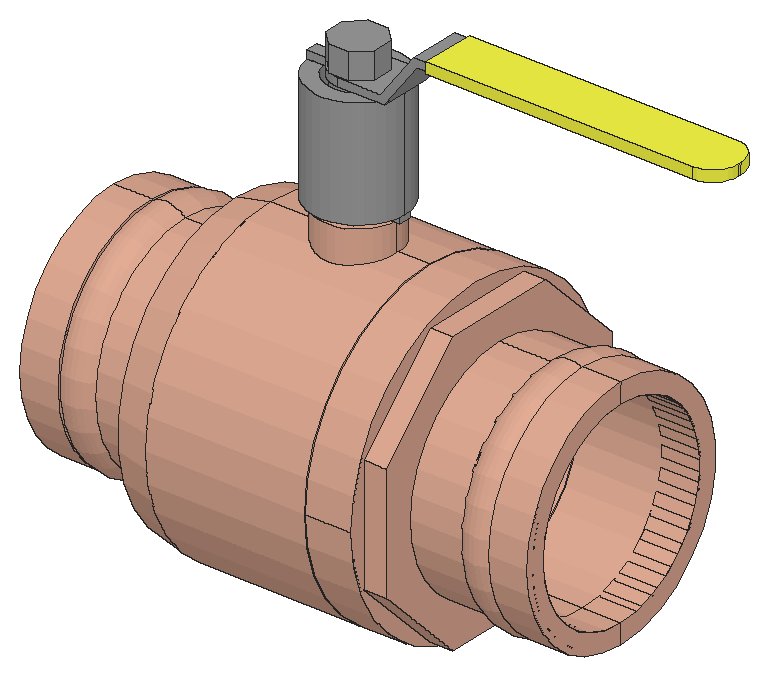
Revit family "430XLSE-Ball-Valve", category Pipe Accessories, Revit 2018
Family settings
  Round Connector Dimension = Use Diameter
  Part Type = Valve - Breaks Into
  OmniClass Number = 23.60.30.11.14
  OmniClass Title = Pipework Fittings
  Work Plane-Based = No
  Always vertical = Yes
  Cut with Voids When Loaded = No
  Shared = No
Parameters
  X8 [instance] = size_lookup(LookupTable, "X8", 0.000", Nominal Diameter)  # 1.080"
  X6_Half [instance] = X6 / 2  # 0.400"
  Weight [instance] = size_lookup(LookupTable, "Weight", "NA", Nominal Diameter)  # "24.54 lbs."
  URL = "http://www.fnw.com"
  Standards Lookup Table = "Standards"  # constant formula
  R4 [instance] = size_lookup(LookupTable, "R4", 0.000", Nominal Diameter)  # 2.943"
  Product ID Handle [instance] = size_lookup(LookupTable, "ProductIDHandle", "NA", Nominal Diameter)  # "2240186"
  Product ID [instance] = size_lookup(LookupTable, "ProductID", "NA", Nominal Diameter)  # "3625629"
  Pipe Diameter [instance] = size_lookup(Standards Lookup Table, "copper", 0.000", Nominal Diameter)  # 4.125"
  Part Number Handle [instance] = size_lookup(LookupTable, "PartNumberHandle", "NA", Nominal Diameter)  # "FNW420SEP"
  Part Number [instance] = size_lookup(LookupTable, "PartNumber", "NA", Nominal Diameter)  # "FNW430XLP"
  PIpe Radius [instance] = Pipe Diameter / 2  # 2.0625"
  Manufacturer = "FNW"  # constant formula
  Insert [instance] = size_lookup(LookupTable, "insert", 0.000", Nominal Diameter)  # 2.560"
  Description BOM Handle [instance] = size_lookup(LookupTable, "Description_BOMHandle", "NA", Nominal Diameter)  # "4 STEM Extension 420 421 & 430"
  Description BOM [instance] = size_lookup(LookupTable, "Description_BOM", "NA", Nominal Diameter)  # "Not For Potable Use 4 XL Brass PXP Full Port BV Water"
  D5 Half [instance] = D5 / 2  # 2.4625"
  D5 [instance] = size_lookup(LookupTable, "D5", 0.000", Nominal Diameter)  # 4.925"
  D3_Half [instance] = D3 / 2  # 0.65625"
  Z3 [instance] = size_lookup(LookupTable, "Z3", 0.000", Nominal Diameter)  # 0.54688"
  Z2 [instance] = size_lookup(LookupTable, "Z2", 0.000", Nominal Diameter)  # 4.020"
  Z1 [instance] = size_lookup(LookupTable, "Z1", 0.000", Nominal Diameter)  # 3.8556"
  X7 [instance] = size_lookup(LookupTable, "X7", 0.000", Nominal Diameter)  # 5.120"
  X6 [instance] = size_lookup(LookupTable, "X6", 0.000", Nominal Diameter)  # 0.800"
  X5 [instance] = size_lookup(LookupTable, "X5", 0.000", Nominal Diameter)  # 0.4875"
  X4 [instance] = size_lookup(LookupTable, "X4", 0.000", Nominal Diameter)  # 0.975"
  X3 [instance] = size_lookup(LookupTable, "X3", 0.000", Nominal Diameter)  # 3.33883"
  X2 [instance] = size_lookup(LookupTable, "X2", 0.000", Nominal Diameter)  # 0.70867"
  X1 [instance] = size_lookup(LookupTable, "X1", 0.000", Nominal Diameter)  # 2.560"
  Show Lever Clearance [instance] = no
  R3 [instance] = size_lookup(LookupTable, "R3", 0.000", Nominal Diameter)  # 3.270"
  R2 [instance] = size_lookup(LookupTable, "R2", 0.000", Nominal Diameter)  # 3.1065"
  R1_Diam [instance] = R1 * 2  # 4.690"
  R1 [instance] = size_lookup(LookupTable, "R1", 0.000", Nominal Diameter)  # 2.345"
  Nominal Radius [instance] = Nominal Diameter / 2  # 2.000"
  Nominal Diameter [instance] = 4.000"
  LookupTable = "430XLSE-Ball-Valve"  # constant formula
  HexAngle1 [instance] = 135.00°  # constant formula
  D3 [instance] = size_lookup(LookupTable, "D3", 0.000", Nominal Diameter)  # 1.3125"
  D2 [instance] = size_lookup(LookupTable, "D2", 0.000", Nominal Diameter)  # 0.875"
  D1 [instance] = size_lookup(LookupTable, "D1", 0.000", Nominal Diameter)  # 1.620"
  1_Z5 [instance] = size_lookup(LookupTable, "1_Z5", 0.000", Nominal Diameter)  # 0.250"
  1_Z4 [instance] = size_lookup(LookupTable, "1_Z4", 0.000", Nominal Diameter)  # 0.125"
  1_Z3 [instance] = size_lookup(LookupTable, "1_Z3", 0.000", Nominal Diameter)  # 2.300"
  1_Z2 [instance] = size_lookup(LookupTable, "1_Z2", 0.000", Nominal Diameter)  # 0.1644"
  1_Z1 [instance] = size_lookup(LookupTable, "1_Z1", 0.000", Nominal Diameter)  # 0.93335"
  1_Y1 [instance] = size_lookup(LookupTable, "1_Y1", 0.000", Nominal Diameter)  # 1.080"
  1_X4 [instance] = size_lookup(LookupTable, "1_X4", 0.000", Nominal Diameter)  # 0.810"
  1_X3 [instance] = size_lookup(LookupTable, "1_X3", 0.000", Nominal Diameter)  # 8.000"
  1_X2 [instance] = size_lookup(LookupTable, "1_X2", 0.000", Nominal Diameter)  # 0.70001"
  1_X1 [instance] = size_lookup(LookupTable, "1_X1", 0.000", Nominal Diameter)  # 1.620"
  1_D1 [instance] = size_lookup(LookupTable, "1_D1", 0.000", Nominal Diameter)  # 1.9488"
Reference planes (in)
  plane 1 "Center (Front/Back)": y = 0
  plane 2: z = 0
  plane 3 "Center (Left/Right)": x = 0
  plane 4 "X7 End": x = -5.12
  plane 5 "D1 Top": z = 3.8556
  plane 6 "D2 Top": z = 4.02
  plane 7: x = -2.56
  plane 8: x = -1.85133
  plane 9: x = 1.4875
  plane 10 "Face EXT": x = 2.4625
  plane 11: x = 2.95
  plane 12 "R3 Top": z = 3.27
  plane 13 "R2 Top": z = 3.1065
  plane 14 "R1 Top": z = 2.345
  plane 15 "Pipe radius": z = 2.0625
  plane 16 "NPT": x = -2.56
  plane 17 "NPT 2": x = 2.4625
  plane 18: x = 5.51
  plane 19 "X61": x = -5.12
  plane 20: x = -4.32
  plane 21 "X62": x = 4.71
  plane 22: x = 5.51
  plane 23: z = 4.1844
  plane 24: x = 5.11
  plane 25: x = -4.72
  plane 26: z = 4.73128
  plane 27: z = 2.4625
  plane 28: x = -2.56
  plane 29: x = 2.95
  plane 30: x = -4.04
  plane 31: x = -4.44
  plane 32: x = -3.64
  plane 33: x = 4.43
  plane 34: x = 4.03
  plane 35: x = 4.83
Forms (in)
  Extrusion 1, solid, material "Copper_01"
    sketch origin (0, 0, 0) x (1, 0, 0) y (0, 1, 0)
      loop
        circle (0, 0) r 0.4375
    from 3.8556 to 4.02
  Extrusion 2, solid, material "Copper_01"
    sketch origin (0, 0, 0) x (0, 1, 0) y (0, 0, 1)
      loop
        circle (0, 0) r 3.27
      loop
        circle (0, 0) r 2.0625
    from 1.4875 to 2.4625
  Extrusion 3, solid, material "Copper_01"
    sketch origin (0, 0, 2.0625) x (-1, 0, 0) y (0, -1, 0)
      loop
        circle (0, 0) r 0.81
    from 0 to 1.7931
  Extrusion 4, solid, material "Copper_01", not visible
    sketch origin (-2.56, 0, 0) x (0, 0, 1) y (0, -1, 0)
      loop
        circle (0, 0) r 2
    from 0 to 5.51
  Extrusion 5, solid, material "Copper_01"
    sketch origin (-2.56, 0, 0) x (0, 0, 1) y (0, -1, 0)
      loop
        circle (0, 0) r 2.345
      loop
        circle (0, 0) r 2.0625
    from -2.56 to 0
  Extrusion 6, solid, material "Copper_01"
    sketch origin (2.4625, 0, 0) x (0, 0, 1) y (0, -1, 0)
      loop
        line (-1.21903, -2.943) -> (1.21903, -2.943) -> (2.943, -1.21903) -> (2.943, 1.21903) -> (1.21903, 2.943) -> (-1.21903, 2.943) -> (-2.943, 1.21903) -> (-2.943, -1.21903) -> (-1.21903, -2.943)
      loop
        circle (0, 0) r 2.0625
    from 0 to 0.4875
  Revolve 7, solid, material "Copper_01"
    sketch origin (0, 0, 0) x (1, 0, 0) y (0, 0, 1)
      loop
        line (1.4875, 2.0625) -> (1.4875, 3.27) -> (-1.84763, 3.27) -> (-2.56, 3.1065) -> (-2.56, 2.0625) -> (1.4875, 2.0625)
      axis (-2.56, 0) -> (1.4875, 0)
    angle from 0 to 360
  Revolve 8, solid, material "Copper_01"
    sketch origin (0, 0, 0) x (1, 0, 0) y (0, 0, 1)
      loop
        line (-5.12, 2.4625) -> (-5.12, 2.0625) -> (-4.32, 2.0625) -> (-4.32, 2.4625) -> (-5.12, 2.4625)
      axis (-5.12, 0) -> (-4.32, 0)
    angle from 0 to 360
  Revolve 9, solid, material "Copper_01"
    sketch origin (0, 0, 0) x (1, 0, 0) y (0, 0, 1)
      loop
        line (4.71, 2.4625) -> (4.71, 2.0625) -> (5.51, 2.0625) -> (5.51, 2.4625) -> (4.71, 2.4625)
      axis (4.71, 0) -> (5.51, 0)
    angle from 0 to 360
  Extrusion 10, solid, material "Copper_01"
    sketch origin (-2.56, 0, 0) x (0, 0, 1) y (0, -1, 0)
      loop
        circle (0, 0) r 2.345
      loop
        circle (0, 0) r 2.0625
    from 5.51 to 8.07
  Revolve 11, solid, material "Copper_01"
    sketch origin (0, 0, 0) x (1, 0, 0) y (0, 0, 1)
      loop
        line (-4.44, 2.345) -> (-3.64, 2.345)
        arc (-3.64, 2.345) -> (-4.04, 2.50945) -> (-4.44, 2.345) r 0.5687
      loop
        line (4.03, 2.345) -> (4.83, 2.345)
        arc (4.83, 2.345) -> (4.43, 2.50945) -> (4.03, 2.345) r 0.5687
      axis (-4.44, 0) -> (4.83, 0)
    angle from 0 to 360
Dimensions and locks (in)
  "X7": plane 4 "X7 End" to plane 3 "Center (Left/Right)"
  "Z1": plane 5 "D1 Top" to plane 2
  "Z2": plane 6 "D2 Top" to plane 2
  "X1": plane 4 "X7 End" to plane 7
  "X2": plane 8 to plane 7
  "X3": plane 9 to plane 8
  "X4": plane 10 "Face EXT" to plane 9
  "X5": plane 11 to plane 10 "Face EXT"
  "R3": plane 12 "R3 Top" to plane 2
  "R2": plane 13 "R2 Top" to plane 2
  "R1": plane 14 "R1 Top" to plane 2
  "PIpe Radius": plane 15 "Pipe radius" to plane 2
  "X1": plane 4 "X7 End" to plane 16 "NPT"
  "X5": plane 11 to plane 17 "NPT 2"
  "X1": plane 18 to plane 11
  "R4": Extrusion 6 sketch curve to plane 1 "Center (Front/Back)"
  "R4": plane 1 "Center (Front/Back)" to Extrusion 6 sketch curve  (x5)
  "R4": plane 2 to Extrusion 6 sketch curve  (x2)
  "1_Z2": plane 23 to plane 6 "D2 Top"
  equal spacing: plane 20, plane 25, plane 19 "X61"
  equal spacing: plane 22, plane 24, plane 21 "X62"
  "X6": plane 22 to plane 21 "X62"
  "X6": plane 20 to plane 19 "X61"
  "X6_Half": plane 4 "X7 End" to plane 25
  "Z3": plane 26 to plane 23
  "D5 Half": plane 27 to plane 2
  "X6_Half": plane 24 to plane 18
  "Insert": plane 29 to plane 18
  "Insert": plane 28 to plane 4 "X7 End"
  plane 14 "R1 Top" to plane 15 "Pipe radius" = 0.2825"
  equal spacing: plane 31, plane 30, plane 32
  "X6": plane 31 to plane 32
  "X8": plane 4 "X7 End" to plane 30
  equal spacing: plane 34, plane 33, plane 35
  "X6": plane 34 to plane 35
  "X8": plane 22 to plane 33
  "D2": diameter of Extrusion 1 sketch curve
  "R3": radius of Extrusion 2 sketch curve
  "PIpe Radius": radius of Extrusion 2 sketch curve
  "D1": diameter of Extrusion 3 sketch curve
  "Nominal Radius": radius of Extrusion 4 sketch curve
  "R1": radius of Extrusion 5 sketch curve
  "PIpe Radius": radius of Extrusion 5 sketch curve
  "PIpe Radius": radius of Extrusion 6 sketch curve
  "R1": radius of Extrusion 10 sketch curve
  "PIpe Radius": radius of Extrusion 10 sketch curve
  angle Extrusion 6 sketch curve to Extrusion 6 sketch curve = 135.00°  (x7)
  aligned and locked: plane 2 to level
  aligned and locked: Extrusion 1 to plane 5 "D1 Top"
  aligned and locked: plane 6 "D2 Top" to Extrusion 1
  aligned and locked: Extrusion 2 to plane 9
  aligned and locked: Extrusion 2 to plane 10 "Face EXT"
  aligned and locked: plane 5 "D1 Top" to Extrusion 3
  aligned and locked: plane 4 "X7 End" to Extrusion 5
  aligned and locked: Revolve 7 sketch curve to level
  aligned and locked: Revolve 8 sketch curve to plane 2
  aligned and locked: Revolve 9 sketch curve to plane 2
  aligned and locked: Extrusion 5 to plane 7
  aligned and locked: Extrusion 10 to plane 11
  aligned and locked: Extrusion 10 to plane 18
  aligned and locked: Extrusion 6 to plane 11
  aligned and locked: Extrusion 4 to plane 28
  aligned and locked: plane 29 to Extrusion 4
  aligned and locked: Revolve 8 sketch curve to plane 27
  aligned and locked: Revolve 8 sketch curve to plane 20
  aligned and locked: Revolve 8 sketch curve to plane 4 "X7 End"
  aligned and locked: plane 27 to Revolve 9 sketch curve
  aligned and locked: plane 21 "X62" to Revolve 9 sketch curve
  aligned and locked: Revolve 9 sketch curve to plane 22
  aligned and locked: plane 15 "Pipe radius" to Revolve 8 sketch curve
  aligned and locked: Revolve 9 sketch curve to plane 15 "Pipe radius"
  aligned and locked: Revolve 11 sketch curve to plane 2
  aligned and locked: Revolve 11 sketch curve to plane 14 "R1 Top"  (x2)
  aligned and locked: plane 32 to Revolve 11 sketch curve
  aligned and locked: plane 31 to Revolve 11 sketch curve
  aligned and locked: plane 34 to Revolve 11 sketch curve
  aligned and locked: plane 35 to Revolve 11 sketch curve
Automatic sketch dimensions
  Revolve 7 sketch curve to plane 7 = 0.000"
  Revolve 7 sketch curve to plane 12 "R3 Top" = 0.000"
  Revolve 7 sketch curve to plane 9 = 0.000"
  Revolve 7 sketch curve to plane 15 "Pipe radius" = 0.000"
  Revolve 7 sketch curve to plane 13 "R2 Top" = 0.000"
  plane 8 to Revolve 7 sketch curve = 0.0037"
  plane 4 "X7 End" to Revolve 7 sketch curve = 0.1481"
  plane 7 to Revolve 7 sketch curve = 0.02483"
  plane 4 "X7 End" to Revolve 8 sketch curve = 1.24841"
  plane 20 to Revolve 8 sketch curve = 0.10444"
  Revolve 9 sketch curve to plane 11 = 0.01599"
  Revolve 9 sketch curve to plane 18 = 1.73101"
  Revolve 11 sketch curve to plane 15 "Pipe radius" = 0.12175"  (x2)
  plane 4 "X7 End" to Revolve 11 sketch curve = 0.52863"
  Revolve 11 sketch curve to plane 32 = 0.19418"
  plane 1 "Center (Front/Back)" to Extrusion 1 sketch curve = 0.000"
  Extrusion 1 sketch curve to plane 3 "Center (Left/Right)" = 0.000"
  Extrusion 2 sketch curve to Extrusion 2 sketch curve = 0.000"  (x2)
  Extrusion 2 sketch curve to level = 0.000"
  Extrusion 2 sketch curve to plane 1 "Center (Front/Back)" = 0.000"
  plane 1 "Center (Front/Back)" to Extrusion 3 sketch curve = 0.000"
  Extrusion 3 sketch curve to plane 3 "Center (Left/Right)" = 0.000"
  Extrusion 4 sketch curve to level = 0.000"
  Extrusion 4 sketch curve to plane 1 "Center (Front/Back)" = 0.000"
  Extrusion 5 sketch curve to Extrusion 5 sketch curve = 0.000"  (x2)
  Extrusion 5 sketch curve to level = 0.000"
  Extrusion 5 sketch curve to plane 1 "Center (Front/Back)" = 0.000"
  Extrusion 6 sketch curve to level = 0.000"
  Extrusion 6 sketch curve to plane 1 "Center (Front/Back)" = 0.000"
  Extrusion 10 sketch curve to Extrusion 10 sketch curve = 0.000"  (x2)
  Extrusion 10 sketch curve to level = 0.000"
  Extrusion 10 sketch curve to plane 1 "Center (Front/Back)" = 0.000"
Nested families (in)
  nested 1: "Nested Lever Ex 430XL" at (0, 0, 4.02), Show Lever Clearance <- "Show Lever Clearance", D3 <- "D3", Z3 <- "Z3", 1_X1 <- "1_X1", 1_X2 <- "1_X2", 1_Y1 <- "1_Y1", 1_Z1 <- "1_Z1", 1_Z2 <- "1_Z2", 1_X3 <- "1_X3", 1_D1 <- "1_D1", 1_Z3 <- "1_Z3", 1_Z4 <- "1_Z4", 1_Z5 <- "1_Z5", Description BOM <- "Description BOM Handle", Part Number <- "Part Number Handle", Product ID <- "Product ID Handle", type "Nested Lever Ex 430XL"
    with Zero 0.000", Z6 0.125", Z3 0.54688", Z1_Z2 0.54888", Void_Outer_Radius 0.6025", Void_Outer 1.205", Tab_Width 0.6025", Tab_Height_Center 0.46668", Show Lever Clearance no, Product ID "2240186", Part Number "FNW420SEP", Nut 1.0175", Lock_Tab_Width 1.330", Lock Tab 0.500", Hypotenuse_Tab_Center 0.58334", Grip_L3 0.2269", Grip_L2 0.19565", Grip_L1 0.03125", Description BOM "4 STEM Extension 420 421 & 430", D3_Half 0.4375", D3 1.3125", Clearance Hieght 6.000", Angle Hex Head 135.00°, Ang_Constraint 39.81°, 1_Z5 0.250", 1_Z4 0.125", 1_Z3 2.300", 1_Z2_X2 0.3288", 1_Z2_Half 0.0822", 1_Z2 0.1644", 1_Z1_Quarter 0.31554", 1_Z1 0.93335", 1_Y1_Half 0.540", 1_Y1 1.080", 1_X3 8.000", 1_X2_Quarter 0.175", 1_X2_Half 0.35001", 1_X2 0.70001", 1_X1 1.620", 1_D1_Half 0.9744", 1_D1 1.9488", 0Grip 2.125"
Connectors (in)
  piping at (-2.56, 0, 0), diameter 4, driven by "Nominal Diameter"
    settings: on Extrusion 4, index 1, connector inside diameter 24", connector length 0.000", flow factor 0, pipe flow 0 GPM, pressure drop 0.00 psi, fitting loss kfactor 0, connector angle 0.00°, fixture units 0, engagement length 0.000", angle of deflection 0.00°, flow configuration 0, flow direction 0, fitting loss method 0, system type 7, joint type 0, gender type 0, connector reference index 2, connector utility 0, adjustable connector no, is connector primary yes, connector description ""
  piping at (2.95, 0, 0), diameter 4, driven by "Nominal Diameter"
    settings: on Extrusion 4, index 2, connector inside diameter 24", connector length 0.000", flow factor 0, pipe flow 0 GPM, pressure drop 0.00 psi, fitting loss kfactor 0, connector angle 0.00°, fixture units 0, engagement length 0.000", angle of deflection 0.00°, flow configuration 0, flow direction 0, fitting loss method 0, system type 7, joint type 0, gender type 0, connector reference index 1, connector utility 0, adjustable connector no, is connector primary no, connector description ""
Definition of nested family "Nested Lever Ex 430XL"
  Parameters (values of type "Nested Lever Ex 320A")
    Zero [instance] = 0.000"  # constant formula
    Z6 [instance] = 0.125"
    Z3 [instance] = 0.125"
    Z1_Z2 [instance] = ([1_Z1] + [1_Z2]) / 2  # 0.71875"
    Tab_Width [instance] = [1_Y1_Half] + (Grip_L1 * 2)  # 1.0625"
    Tab_Height_Center [instance] = [1_Z1] / 2  # 0.625"
    Product ID [instance] = ""
    Part Number [instance] = ""
    Nut [instance] = [1_Y1] - 0.0625"  # 1.9375"
    Lock_Tab_Width [instance] = [1_Y1] + 0.250"  # 2.250"
    Lock Tab [instance] = 0.500"  # constant formula
    Hypotenuse_Tab_Center [instance] = sqrt(Tab_Height_Center ^ 2 + [1_X2_Half] ^ 2)  # 0.97628"
    Description BOM [instance] = ""
    Angle 2 = 45.00°  # constant formula
    Ang_Constraint [instance] = 39.81°  # constant formula
    1_Z5 [instance] = 0.69253"
    1_Z4 [instance] = 0.31083"
    1_Z3 [instance] = 4.14213"
    1_Z2_X2 [instance] = [1_Z2] * 2  # 0.375"
    1_Z2 [instance] = 0.1875"
    1_Z1_Quarter [instance] = [1_Z1] / 4 + ([1_Z2_Half])  # 0.40625"
    1_Z1 [instance] = 1.250"
    1_Y1_Half [instance] = [1_Y1] / 2  # 1.000"
    1_Y1 [instance] = 2.000"
    1_X3 [instance] = 15.65095"
    1_X2_Quarter [instance] = [1_X2] / 4  # 0.375"
    1_X2_Half [instance] = [1_X2] / 2  # 0.750"
    1_X1 [instance] = 2.500"
    1_X2 [instance] = 1.500"
    Void_Outer_Radius [instance] = Void_Outer / 2  # 1.0625"
    Void_Outer [instance] = [1_Y1] + Grip_L1 * 4  # 2.125"
    Show Lever Clearance [instance] = yes
    Grip_L3 [instance] = Grip_L1 + Grip_L2  # 0.250"
    Grip_L1 [instance] = 0.03125"  # constant formula
    Grip_L2 [instance] = [1_Z2] + Grip_L1  # 0.21875"
    Default Elevation = 48.000"
    D3_Half [instance] = D3 / 3  # 0.23251"
    D3 [instance] = 0.69752"
    Clearance Hieght [instance] = 6.000"  # constant formula
    Angle Hex Head [instance] = 135.00°  # constant formula
    1_Z2_Half [instance] = [1_Z2] / 2  # 0.09375"
    1_D1_Half [instance] = [1_D1] / 2  # 1.000"
    1_D1 [instance] = 2.000"
    0Grip [instance] = 2.125"  # constant formula
  Reference planes (in)
    plane 1 "Center (Front/Back)": y = 0
    plane 2: z = 0
    plane 3 "Center (Left/Right)": x = 0
    plane 4: y = 1
    plane 5: y = -1
    plane 6: y = 1.03125
    plane 7: y = -1.03125
    plane 8: y = 0.5
    plane 9: y = -0.5
    plane 10: x = 2.25
    plane 11: z = 4.32963
    plane 12: x = 15.65095
    plane 13: x = 1.4375
    plane 14: x = 2.9375
    plane 15: z = 5.57963
    plane 16: z = 5.39213
    plane 17: z = 4.45463
    plane 18: z = 5.61088
    plane 19: z = 5.36088
    plane 20: x = 3.15625
    plane 21: z = 3.82963
    plane 22: x = -1.0625
    plane 23: x = 0.23251
    plane 24: x = 1
    plane 25: x = -1
    plane 26: z = -0.69253
    plane 27: z = -0.31083
    plane 28 "Lever Base": z = 4.14213
    plane 29: y = 0.133
    plane 30: y = -0.133
    plane 31: x = 0.1875
  Forms (in)
    Extrusion 1, solid
      sketch origin (0, 0, 0) x (1, 0, 0) y (0, 1, 0)
        loop
          line (-48, 48) -> (-48, -48) -> (48, -48) -> (48, 48) -> (-48, 48)
      from 0 to -12
    Extrusion 2, solid
      sketch origin (0, 0, 8.25) x (1, 0, 0) y (0, 0, 1)
        loop
          line (1.14462, -4.10787) -> (1.4375, -4.10787) -> (2.9375, -2.85787) -> (4.15625, -2.85787) -> (4.15625, -2.67037) -> (2.86962, -2.67037) -> (1.14462, -4.10787)
      from -1 to 1
    Extrusion 3, solid
      sketch origin (0, 0, 8.25) x (1, 0, 0) y (0, 1, 0)
        loop
          line (0.96875, 0.40127) -> (0.40127, 0.96875) -> (-0.40127, 0.96875) -> (-0.96875, 0.40127) -> (-0.96875, -0.40127) -> (-0.40127, -0.96875) -> (0.40127, -0.96875) -> (0.96875, -0.40127) -> (0.96875, 0.40127)
      from -3.92037 to -3.79537
    Extrusion 4, solid
      sketch origin (0, 0, 8.25) x (1, 0, 0) y (0, 1, 0)
        loop
          line (14.65095, 1.03125) -> (3.15625, 1.03125) -> (3.15625, -1.03125) -> (14.65095, -1.03125)
          arc (14.65095, -1.03125) -> (15.35806, -0.73836) -> (15.65095, -0.03125) r 1
          line (15.65095, -0.03125) -> (15.65095, 0.03125)
          arc (15.65095, 0.03125) -> (15.35806, 0.73836) -> (14.65095, 1.03125) r 1
      from -2.88912 to -2.63912
    Extrusion 5, solid, visible <- "Show Lever Clearance"
      sketch origin (2.98898, 0, 4.14213) x (0, 1, 0) y (-1, 0, 0)
        loop
          line (1, 1) -> (-12.66198, 1)
          arc (-12.66198, 1) -> (-8.66048, -8.66048) -> (1, -12.66198) r 13.66198
          line (1, -12.66198) -> (1, 1)
      from 0 to 6 <- "Clearance Hieght"
    Extrusion 6, solid
      sketch origin (0, 0, 8.25) x (1, 0, 0) y (0, 1, 0)
        loop
          line (1.4375, -1) -> (1.4375, 1) -> (0, 1) -> (0, -1) -> (1.4375, -1)
      from -4.10787 to -3.92037
    Revolve 7, solid
      sketch origin (0, 0, 0) x (1, 0, 0) y (0, 0, 1)
        loop
          line (0, 0) -> (1, 0) -> (1, 4.14213) -> (0.625, 4.14213) -> (0.625, 0.28036) -> (0, 0.28036) -> (0, 0)
        axis (0, 4.14213) -> (0, 0)
      angle from 0 to 360
    Extrusion 8, solid
      sketch origin (0, 0, 0) x (1, 0, 0) y (0, 1, 0)
        loop
          line (-1, 0.133) -> (-1, -0.133) -> (-0.8125, -0.133) -> (-0.8125, 0.133) -> (-1, 0.133)
      from -0.69253 to 0
    Extrusion 9, solid
      sketch origin (0, 0, 0) x (1, 0, 0) y (0, 1, 0)
        loop
          line (-1, 0.133) -> (-1, -0.133) -> (-0.875, -0.133) -> (-0.875, 0.133) -> (-1, 0.133)
      from 3.64213 to 4.14213
    Extrusion 10, solid
      sketch origin (0, 0, 0) x (-1, 0, 0) y (0, -1, 0)
        loop
          line (-1, -0.133) -> (-0.8125, -0.133) -> (-0.8125, 0.133) -> (-1, 0.133) -> (-1, -0.133)
      from -0.31083 to 0
    Extrusion 11, solid
      sketch origin (0, 0, 0) x (1, 0, 0) y (0, 1, 0)
        loop
          circle (0, 0) r 1
      from 4.14213 to 4.32963
    Extrusion 12, solid
      sketch origin (0, 0, 4.14213) x (0, 1, 0) y (-1, 0, 0)
        loop
          line (0.133, 1) -> (-0.133, 1) -> (-0.133, 0) -> (0.133, 0) -> (0.133, 1)
      from 0 to 0.1875
  Cuts and joins
    joined: Extrusion 2, Extrusion 6, Extrusion 9, Extrusion 11, Extrusion 12
  Lines and regions (in)
    reference lines
      curve 1: line (0, 0, 7.6012) -> (0, 0, 3.32963)
  Dimensions and locks (in)
    equal spacing: plane 4, plane 1 "Center (Front/Back)", plane 5
    "1_Y1": plane 4 to plane 5
    "Grip_L1": plane 5 to plane 7
    "Grip_L1": plane 6 to plane 4
    equal spacing: plane 9, plane 1 "Center (Front/Back)", plane 8
    "1_Y1_Half": plane 9 to plane 8
    "1_X3": plane 12 to plane 3 "Center (Left/Right)"
    "1_X2": plane 14 to plane 13
    "1_Z2": plane 15 to plane 16
    equal spacing: Extrusion 3 sketch curve, curve 1, Extrusion 3 sketch curve  (x4)
    "Nut": Extrusion 3 sketch curve to Extrusion 3 sketch curve  (x4)
    "Grip_L1": plane 18 to plane 15
    "Grip_L2": plane 15 to plane 19
    "Grip_L2": plane 20 to plane 14
    Extrusion 5 sketch curve to Extrusion 5 sketch curve = 13.66198"  (x2)
    "D3_Half": plane 23 to plane 3 "Center (Left/Right)"
    equal spacing: plane 25, plane 3 "Center (Left/Right)", plane 24
    "1_D1": plane 25 to plane 24
    "1_Z4": plane 27 to plane 2
    "1_Z5": plane 26 to plane 2
    "Lock Tab": plane 21 to plane 11
    "1_Z3": plane 2 to plane 28 "Lever Base"
    "1_Z2_X2": Revolve 7 sketch curve to plane 24
    equal spacing: Extrusion 8 sketch curve, plane 1 "Center (Front/Back)", Extrusion 8 sketch curve
    Extrusion 8 sketch curve to Extrusion 8 sketch curve = 0.26599"
    "1_Z2": plane 25 to Extrusion 8 sketch curve
    Extrusion 9 sketch curve to Extrusion 9 sketch curve = 0.26599"  (x2)
    "Lock Tab": plane 28 "Lever Base" to Extrusion 9
    "1_Z2": plane 28 "Lever Base" to plane 11
    "Z3": plane 11 to plane 17
    plane 11 to plane 15 = 1.250"
    Extrusion 10 sketch curve to Extrusion 10 sketch curve = 0.26599"  (x2)
    "1_Z2": Extrusion 10 to plane 24
    plane 12 to plane 3 "Center (Left/Right)" = 15.65095"
    "1_Z2": plane 15 to Extrusion 2
    equal spacing: plane 29, plane 1 "Center (Front/Back)", plane 30
    "1_Z2": plane 31 to plane 3 "Center (Left/Right)"
    equal spacing: plane 13, plane 31, plane 22
    "1_X1": plane 13 to plane 22
    "1_Z2": Extrusion 2 sketch curve to Extrusion 2 sketch curve
    "1_Z1": plane 15 to plane 11
    "1_Y1_Half": radius of Extrusion 4 sketch curve  (x2)
    radius of Extrusion 5 sketch curve = 13.66198"
    "1_Y1_Half": radius of Extrusion 11 sketch curve
    "Angle Hex Head": angle Extrusion 3 sketch curve to Extrusion 3 sketch curve  (x6)
    aligned and locked: plane 2 to Extrusion 1
    aligned and locked: level to Extrusion 1
    aligned and locked: plane 16 to Extrusion 2 sketch curve
    aligned and locked: plane 15 to Extrusion 2 sketch curve
    aligned and locked: curve 1 to plane 3 "Center (Left/Right)"
    aligned and locked: plane 11 to Extrusion 3
    aligned and locked: Extrusion 3 to plane 17
    aligned and locked: Extrusion 4 sketch curve to plane 20
    aligned and locked: Extrusion 4 to plane 19
    aligned and locked: Extrusion 4 to plane 18
    aligned and locked: plane 13 to Extrusion 6 sketch curve
    aligned and locked: plane 24 to Revolve 7 sketch curve
    aligned and locked: Extrusion 8 to plane 26
    aligned and locked: plane 28 "Lever Base" to Extrusion 9
    aligned and locked: plane 27 to Extrusion 10
    aligned and locked: plane 12 to Extrusion 5
    aligned and locked: plane 4 to Extrusion 2
    aligned and locked: Extrusion 2 to plane 5
    aligned and locked: plane 4 to Extrusion 6 sketch curve
    aligned and locked: plane 5 to Extrusion 6 sketch curve
    aligned and locked: Extrusion 6 to plane 3 "Center (Left/Right)"
    aligned and locked: Extrusion 11 to plane 11
    aligned and locked: Extrusion 11 to Extrusion 5
    aligned and locked: Extrusion 6 to Extrusion 5
    aligned and locked: Extrusion 6 to plane 11
    aligned and locked: Extrusion 12 sketch curve to plane 25
    aligned and locked: Extrusion 12 to plane 11
    aligned and locked: Revolve 7 to plane 28 "Lever Base"
  Automatic sketch dimensions
    Extrusion 1 sketch curve to Extrusion 1 sketch curve = 96.000"  (x2)
    plane 21 to curve 1 = 0.500"
    plane 18 to curve 1 = 1.99032"
    Extrusion 9 sketch curve to plane 25 = 0.000"
    Extrusion 9 sketch curve to Extrusion 9 sketch curve = 0.125"
    plane 1 "Center (Front/Back)" to Extrusion 9 sketch curve = 0.133"
    Extrusion 10 sketch curve to plane 24 = 0.000"
    Extrusion 10 sketch curve to Extrusion 10 sketch curve = 0.1875"
    Extrusion 10 sketch curve to plane 1 "Center (Front/Back)" = 0.133"
    Extrusion 5 sketch curve to plane 25 = 2.98898"
    Extrusion 5 sketch curve to plane 4 = 0.000"
    Extrusion 6 sketch curve to plane 25 = 1.000"
    Extrusion 12 sketch curve to plane 30 = 0.000"
    plane 29 to Extrusion 12 sketch curve = 0.000"
    Extrusion 12 sketch curve to plane 3 "Center (Left/Right)" = 0.000"
    Extrusion 2 sketch curve to plane 28 "Lever Base" = 0.000"
    plane 13 to Extrusion 2 sketch curve = 0.000"
    Extrusion 2 sketch curve to plane 14 = 0.000"
    plane 20 to Extrusion 2 sketch curve = 1.000"
    plane 6 to Extrusion 4 sketch curve = 0.000"
    plane 7 to Extrusion 4 sketch curve = 0.000"
    Extrusion 4 sketch curve to plane 12 = 0.000"
    Revolve 7 sketch curve to plane 3 "Center (Left/Right)" = 0.000"  (x2)
    Revolve 7 sketch curve to level = 0.000"
    Revolve 7 sketch curve to plane 28 "Lever Base" = 0.000"
    level to Revolve 7 sketch curve = 0.28036"
    Revolve 7 sketch curve to plane 26 = 2.83452"
    plane 21 to Revolve 7 sketch curve = 0.750"
    Extrusion 8 sketch curve to plane 25 = 0.000"
    plane 1 "Center (Front/Back)" to Extrusion 11 sketch curve = 0.000"
    Extrusion 11 sketch curve to plane 3 "Center (Left/Right)" = 0.000"
